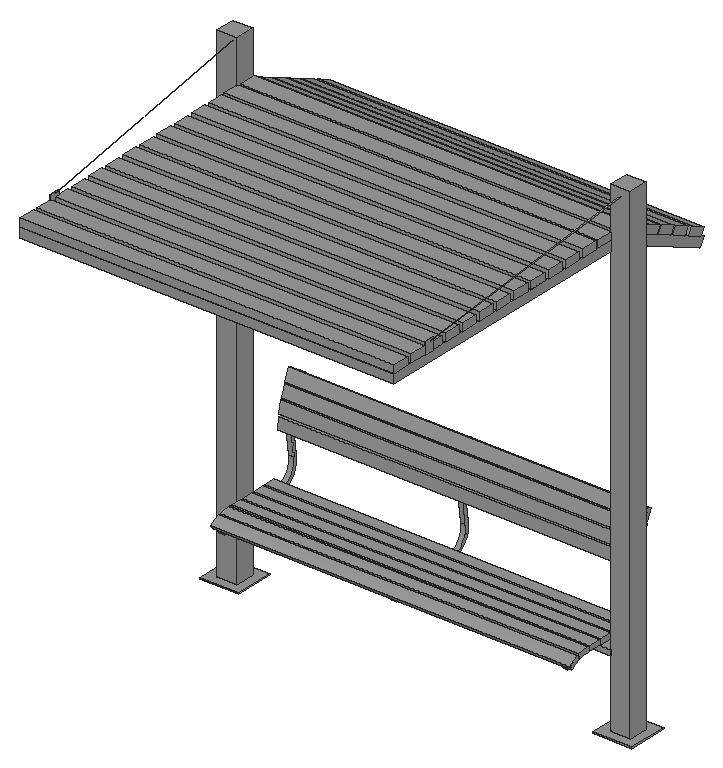
Revit family "Навес со скамейкой «Модерн УНИ» Арт 12201", category Антураж, Revit 2018
Family settings
  На основе рабочей плоскости = Нет
  Всегда вертикально = Да
  При загрузке вырезать с полостями = Нет
  Источник визуального образа = Геометрия семейства
  Общий = Нет
  Точка расчета площади = Нет
Parameters (values of type "Навес со скамейкой «Модерн УНИ»")
  Ширина = 1985 mm  # constant formula
  Цвет лавки = Дерево
  Цвет каркаса = Сталь
  Описание = "Навес со скамейкой «Модерн УНИ»"  # constant formula
  Материал изделия = "Сталь, дерево"  # constant formula
  Изображение типоразмера = Навес со скамейкой «Модерн УНИ» Арт 12201.jpg
  Изготовитель = "ООО «Хоббика»"  # constant formula
  Длина = 2120 mm  # constant formula
  Группа модели = "Скамейки"  # constant formula
  Высота = 2520 mm  # constant formula
  Артикул товара = "Арт. 12201"  # constant formula
  URL = "https://hobbyka.ru/product/naves_so_skameykoy_modern_uni/"
Reference planes
  plane 1 "По центру (Вперед/Назад)": y = 0
  plane 2: z = 0
  plane 3 "По центру (Влево/Вправо)": x = 0
  plane 4: x = 2120
  plane 5: y = 1985
  plane 6: z = 2520
Forms (mm)
  Extrusion 1, solid, material "Сталь" <- "Цвет каркаса"
    sketch origin (0, -108.822, 0) x (1, 0, 0) y (0, 1, 0)
      loop
        line (0, 1598.822) -> (0, 1498.822) -> (100, 1498.822) -> (100, 1598.822) -> (0, 1598.822)
      loop
        line (2020, 1598.822) -> (2020, 1498.822) -> (2120, 1498.822) -> (2120, 1598.822) -> (2020, 1598.822)
    from 0 to 2520
  Extrusion 2, solid, material "Сталь" <- "Цвет каркаса"
    sketch origin (0, 0, 0) x (0, 1, 0) y (0, 0, 1)
      loop
        line (0, 2260) -> (0, 2210) -> (1459.234, 2210) -> (1963.869, 1974.685) -> (1985, 2020) -> (1470.318, 2260) -> (0, 2260)
    from 100 to 130
  Extrusion 3, solid, material "Сталь" <- "Цвет каркаса"
    sketch origin (0, 0, 0) x (0, 1, 0) y (0, 0, 1)
      loop
        line (0, 2260) -> (0, 2210) -> (1459.234, 2210) -> (1963.869, 1974.685) -> (1985, 2020) -> (1470.318, 2260) -> (0, 2260)
    from 1990 to 2020
  Extrusion 4, solid, material "Сталь" <- "Цвет каркаса"
    sketch origin (0, 0, 0) x (0, 1, 0) y (0, 0, 1)
      loop
        line (0, 2260) -> (0, 2210) -> (30, 2210) -> (30, 2260) -> (0, 2260)
      loop
        line (1985, 2020) -> (1957.811, 2032.679) -> (1936.68, 1987.363) -> (1963.869, 1974.685) -> (1985, 2020)
    from 130 to 1990
  Sweep 5, solid, material "Сталь" <- "Цвет каркаса"
    path origin (49.861, -1.041, 0) x (-0.03462, 0.999401, 0) y (0, 0, 1)
      loop
        line (1440, 2480) -> (212.068, 2307.425)
    profile origin (21.264, 824.497, 2393.713) x (-0.004818, 0.13909, -0.990268) y (0.999401, 0.03462, 0)
      loop
        circle (0, 55) r 1.5
  Extrusion 6, solid, material "Сталь" <- "Цвет каркаса"
    sketch origin (0, 0, 0) x (0, 1, 0) y (0, 0, 1)
      loop
        line (245, 2320) -> (195, 2320) -> (195, 2260) -> (245, 2260) -> (245, 2320)
    from 95 to 100
  Sweep 7, solid, material "Сталь" <- "Цвет каркаса"
    path origin (2070.152, -1.042, 0) x (0.034623, 0.9994, 0) y (0, 0, -1)
      loop
        line (1440, -2480) -> (212.068, -2307.425)
    profile origin (2098.751, 824.496, 2393.713) x (-0.004819, -0.13909, 0.990268) y (-0.9994, 0.034623, 0)
      loop
        circle (0, 55) r 1.5
  Extrusion 8, solid, material "Сталь" <- "Цвет каркаса"
    sketch origin (2120, 0, 0) x (0, 1, 0) y (0, 0, -1)
      loop
        line (245, -2320) -> (245, -2260) -> (195, -2260) -> (195, -2320) -> (245, -2320)
    from 95 to 100
  Extrusion 9, solid, material "Сталь" <- "Цвет каркаса"
    sketch origin (0, 0, 0) x (0, 1, 0) y (0, 0, 1)
      loop
        line (1390, 380) -> (1390, 350) -> (1490, 350) -> (1490, 380) -> (1390, 380)
    from 100 to 2020
  Extrusion 10, solid, material "Сталь" <- "Цвет каркаса"
    sketch origin (0, 0, 0) x (0, 1, 0) y (0, 0, 1)
      loop
        arc (1698.532, 879.694) -> (1635.524, 701.648) -> (1640.429, 512.847) r 518.766
        arc (1640.429, 512.847) -> (1622.813, 433.636) -> (1551.457, 395) r 97.784
        line (1551.457, 395) -> (1291.283, 395)
        arc (1291.283, 395) -> (1237.829, 386.534) -> (1189.606, 361.963) r 172.984
        line (1189.606, 361.963) -> (1198.423, 349.828)
        arc (1198.423, 349.828) -> (1242.464, 372.268) -> (1291.283, 380) r 157.984
        line (1291.283, 380) -> (1551.952, 380)
        arc (1551.952, 380) -> (1634.624, 424.386) -> (1655.102, 515.959) r 112.784
        arc (1655.102, 515.959) -> (1650.339, 699.302) -> (1711.525, 872.199) r 503.766
        line (1711.525, 872.199) -> (1698.532, 879.694)
    from 165 to 190
  Extrusion 11, solid, material "Сталь" <- "Цвет каркаса"
    sketch origin (0, 0, 0) x (0, 1, 0) y (0, 0, 1)
      loop
        arc (1698.532, 879.694) -> (1635.524, 701.648) -> (1640.429, 512.847) r 518.766
        arc (1640.429, 512.847) -> (1622.813, 433.636) -> (1551.457, 395) r 97.784
        line (1551.457, 395) -> (1291.283, 395)
        arc (1291.283, 395) -> (1237.829, 386.534) -> (1189.606, 361.963) r 172.984
        line (1189.606, 361.963) -> (1198.423, 349.828)
        arc (1198.423, 349.828) -> (1242.464, 372.268) -> (1291.283, 380) r 157.984
        line (1291.283, 380) -> (1551.952, 380)
        arc (1551.952, 380) -> (1634.624, 424.386) -> (1655.102, 515.959) r 112.784
        arc (1655.102, 515.959) -> (1650.339, 699.302) -> (1711.525, 872.199) r 503.766
        line (1711.525, 872.199) -> (1698.532, 879.694)
    from 1047.5 to 1072.5
  Extrusion 12, solid, material "Сталь" <- "Цвет каркаса"
    sketch origin (2120, 0, 0) x (0, 1, 0) y (0, 0, -1)
      loop
        line (1698.532, -879.694) -> (1711.525, -872.199)
        arc (1711.525, -872.199) -> (1650.339, -699.302) -> (1655.102, -515.959) r 503.766
        arc (1655.102, -515.959) -> (1634.624, -424.386) -> (1551.952, -380) r 112.784
        line (1551.952, -380) -> (1291.283, -380)
        arc (1291.283, -380) -> (1242.464, -372.268) -> (1198.423, -349.828) r 157.984
        line (1198.423, -349.828) -> (1189.606, -361.963)
        arc (1189.606, -361.963) -> (1237.829, -386.534) -> (1291.283, -395) r 172.984
        line (1291.283, -395) -> (1551.457, -395)
        arc (1551.457, -395) -> (1622.813, -433.636) -> (1640.429, -512.847) r 97.784
        arc (1640.429, -512.847) -> (1635.524, -701.648) -> (1698.532, -879.694) r 518.766
    from 165 to 190
  Extrusion 13, solid, material "Дерево" <- "Цвет лавки"
    sketch origin (0, 0, 0) x (0, 1, 0) y (0, 0, 1)
      loop
        line (1698.532, 879.694) -> (1676.876, 892.185)
        arc (1676.876, 892.185) -> (1662.611, 865.798) -> (1649.823, 838.664) r 543.766
        line (1649.823, 838.664) -> (1672.722, 828.634)
        arc (1672.722, 828.634) -> (1684.922, 854.52) -> (1698.532, 879.694) r 518.766
      loop
        line (1507.283, 395) -> (1507.283, 420) -> (1447.283, 420) -> (1447.283, 395) -> (1507.283, 395)
      loop
        line (1291.283, 395) -> (1297.283, 395) -> (1297.283, 420) -> (1291.283, 420)
        arc (1291.283, 420) -> (1264.171, 418.135) -> (1237.568, 412.574) r 197.984
        line (1237.568, 412.574) -> (1244.351, 388.512)
        arc (1244.351, 388.512) -> (1267.594, 393.37) -> (1291.283, 395) r 172.984
      loop
        line (1625.936, 772.917) -> (1649.934, 765.909)
        arc (1649.934, 765.909) -> (1658.71, 793.148) -> (1668.975, 819.86) r 518.766
        line (1668.975, 819.86) -> (1645.895, 829.468)
        arc (1645.895, 829.468) -> (1635.135, 801.468) -> (1625.936, 772.917) r 543.766
      loop
        line (1610.688, 704.648) -> (1635.387, 700.779)
        arc (1635.387, 700.779) -> (1640.593, 728.918) -> (1647.344, 756.728) r 518.766
        line (1647.344, 756.728) -> (1623.222, 763.293)
        arc (1623.222, 763.293) -> (1616.146, 734.143) -> (1610.688, 704.648) r 543.766
      loop
        line (1604.33, 634.986) -> (1629.321, 634.319)
        arc (1629.321, 634.319) -> (1630.872, 662.894) -> (1633.997, 691.34) r 518.766
        line (1633.997, 691.34) -> (1609.231, 694.754)
        arc (1609.231, 694.754) -> (1605.956, 664.938) -> (1604.33, 634.986) r 543.766
      loop
        line (1437.283, 420) -> (1377.283, 420) -> (1377.283, 395) -> (1437.283, 395) -> (1437.283, 420)
      loop
        line (1367.283, 420) -> (1307.283, 420) -> (1307.283, 395) -> (1367.283, 395) -> (1367.283, 420)
      loop
        line (1174.912, 382.188) -> (1189.606, 361.963)
        arc (1189.606, 361.963) -> (1211.896, 375.708) -> (1236.005, 385.93) r 172.984
        line (1236.005, 385.93) -> (1228.016, 409.619)
        arc (1228.016, 409.619) -> (1200.423, 397.919) -> (1174.912, 382.188) r 197.984
      loop
        line (1577.283, 395) -> (1577.283, 420) -> (1517.283, 420) -> (1517.283, 395) -> (1577.283, 395)
    from 140 to 1980
  Extrusion 14, solid, material "Дерево" <- "Цвет лавки"
    sketch origin (0, 0, 0) x (0, 1, 0) y (0, 0, 1)
      loop
        line (0, 2260) -> (85, 2260) -> (85, 2300) -> (0, 2300) -> (0, 2260)
      loop
        line (110, 2260) -> (195, 2260) -> (195, 2300) -> (110, 2300) -> (110, 2260)
      loop
        line (220, 2260) -> (305, 2260) -> (305, 2300) -> (220, 2300) -> (220, 2260)
      loop
        line (330, 2260) -> (415, 2260) -> (415, 2300) -> (330, 2300) -> (330, 2260)
      loop
        line (440, 2260) -> (525, 2260) -> (525, 2300) -> (440, 2300) -> (440, 2260)
      loop
        line (550, 2260) -> (635, 2260) -> (635, 2300) -> (550, 2300) -> (550, 2260)
      loop
        line (660, 2260) -> (745, 2260) -> (745, 2300) -> (660, 2300) -> (660, 2260)
      loop
        line (770, 2260) -> (855, 2260) -> (855, 2300) -> (770, 2300) -> (770, 2260)
      loop
        line (880, 2260) -> (965, 2260) -> (965, 2300) -> (880, 2300) -> (880, 2260)
      loop
        line (990, 2260) -> (1075, 2260) -> (1075, 2300) -> (990, 2300) -> (990, 2260)
      loop
        line (1100, 2260) -> (1185, 2260) -> (1185, 2300) -> (1100, 2300) -> (1100, 2260)
      loop
        line (1210, 2260) -> (1295, 2260) -> (1295, 2300) -> (1210, 2300) -> (1210, 2260)
      loop
        line (1310, 2260) -> (1395, 2260) -> (1395, 2300) -> (1310, 2300) -> (1310, 2260)
      loop
        line (1410, 2260) -> (1495, 2260) -> (1495, 2300) -> (1410, 2300) -> (1410, 2260)
      loop
        line (1891.059, 2064.208) -> (1967.968, 2028.015) -> (1985, 2064.208) -> (1908.09, 2100.4) -> (1891.059, 2064.208)
      loop
        line (1791.365, 2110.696) -> (1868.274, 2074.503) -> (1885.306, 2110.696) -> (1808.397, 2146.889) -> (1791.365, 2110.696)
      loop
        line (1700.734, 2152.958) -> (1777.643, 2116.765) -> (1794.675, 2152.958) -> (1717.766, 2189.15) -> (1700.734, 2152.958)
      loop
        line (1610.103, 2195.219) -> (1687.013, 2159.027) -> (1704.045, 2195.219) -> (1627.135, 2231.412) -> (1610.103, 2195.219)
      loop
        line (1519.472, 2237.481) -> (1596.382, 2201.288) -> (1613.414, 2237.481) -> (1536.504, 2273.674) -> (1519.472, 2237.481)
    from 100 to 2020
  Extrusion 15, solid, material "Сталь" <- "Цвет каркаса"
    sketch origin (0, 0, 0) x (0, 1, 0) y (0, 0, 1)
      loop
        line (0, 2260) -> (0, 2210) -> (1459.234, 2210) -> (1963.869, 1974.685) -> (1985, 2020) -> (1470.318, 2260) -> (0, 2260)
    from 1045 to 1075
  Extrusion 16, solid, material "Сталь" <- "Цвет каркаса"
    sketch origin (0, 0, 0) x (1, 0, 0) y (0, 1, 0)
      loop
        line (2120, 1490) -> (2020, 1490) -> (2020, 1390) -> (2120, 1390) -> (2120, 1490)
      loop
        line (100, 1490) -> (0, 1490) -> (0, 1390) -> (100, 1390) -> (100, 1490)
      loop
        line (150, 1540) -> (-50, 1540) -> (-50, 1340) -> (150, 1340) -> (150, 1540)
      loop
        line (2170, 1540) -> (1970, 1540) -> (1970, 1340) -> (2170, 1340) -> (2170, 1540)
    from 0 to 5
Cuts and joins
  joined: Extrusion 2, Extrusion 3, Extrusion 4, Extrusion 15
Dimensions and locks
  "Длина": plane 3 "По центру (Влево/Вправо)" to plane 4
  "Ширина": plane 5 to plane 1 "По центру (Вперед/Назад)"
  "Высота": plane 6 to plane 2
  aligned and locked: level to plane 2
Automatic sketch dimensions
  Extrusion 1 sketch curve to plane 3 "По центру (Влево/Вправо)" = 0 mm
  Extrusion 1 sketch curve to plane 4 = 0 mm
  plane 3 "По центру (Влево/Вправо)" to Extrusion 1 sketch curve = 100 mm
  Extrusion 1 sketch curve to plane 4 = 100 mm
  Extrusion 1 sketch curve to plane 5 = 595 mm  (x2)
  Extrusion 1 sketch curve to Extrusion 1 sketch curve = 100 mm  (x2)
  Extrusion 2 sketch curve to plane 1 "По центру (Вперед/Назад)" = 0 mm
  Extrusion 2 sketch curve to plane 5 = 0 mm
  Extrusion 2 sketch curve to plane 5 = 525.766 mm
  Extrusion 2 sketch curve to Extrusion 2 sketch curve = 11.085 mm
  Extrusion 2 sketch curve to plane 5 = 21.131 mm
  Extrusion 2 sketch curve to plane 6 = 545.315 mm
  Extrusion 2 sketch curve to Extrusion 2 sketch curve = 45.315 mm
  Extrusion 3 sketch curve to plane 1 "По центру (Вперед/Назад)" = 0 mm
  Extrusion 3 sketch curve to plane 5 = 0 mm
  Extrusion 3 sketch curve to plane 5 = 525.766 mm
  Extrusion 3 sketch curve to Extrusion 3 sketch curve = 11.085 mm
  Extrusion 3 sketch curve to plane 5 = 21.131 mm
  Extrusion 3 sketch curve to plane 6 = 545.315 mm
  Extrusion 3 sketch curve to Extrusion 3 sketch curve = 45.315 mm
  Extrusion 4 sketch curve to plane 1 "По центру (Вперед/Назад)" = 0 mm
  Extrusion 4 sketch curve to plane 5 = 0 mm
  Extrusion 4 sketch curve to plane 1 "По центру (Вперед/Назад)" = 30 mm
  Extrusion 4 sketch curve to plane 5 = 48.32 mm
  Extrusion 4 sketch curve to plane 5 = 27.189 mm
  Extrusion 4 sketch curve to plane 6 = 545.315 mm
  Extrusion 4 sketch curve to Extrusion 4 sketch curve = 12.679 mm
  Extrusion 4 sketch curve to plane 6 = 310 mm
  Extrusion 4 sketch curve to Extrusion 4 sketch curve = 50 mm
  Sweep 5 sketch curve to plane 6 = 40 mm
  Sweep 5 sketch curve to plane 6 = 212.575 mm
  Sweep 5 sketch curve to Sweep 5 sketch curve = 1227.932 mm
  Sweep 5 sketch curve to profile plane = 0 mm
  profile plane to Sweep 5 sketch curve = 55 mm
  Extrusion 6 sketch curve to plane 1 "По центру (Вперед/Назад)" = 195 mm
  Extrusion 6 sketch curve to Extrusion 6 sketch curve = 50 mm
  Extrusion 6 sketch curve to plane 6 = 260 mm
  Extrusion 6 sketch curve to Extrusion 6 sketch curve = 60 mm
  Sweep 7 sketch curve to plane 6 = 212.575 mm
  Sweep 7 sketch curve to plane 6 = 40 mm
  Sweep 7 sketch curve to Sweep 7 sketch curve = 1227.932 mm
  profile plane to Sweep 7 sketch curve = 0 mm
  profile plane to Sweep 7 sketch curve = 55 mm
  Extrusion 8 sketch curve to plane 1 "По центру (Вперед/Назад)" = 195 mm
  Extrusion 8 sketch curve to Extrusion 8 sketch curve = 50 mm
  Extrusion 8 sketch curve to plane 6 = 200 mm
  Extrusion 8 sketch curve to Extrusion 8 sketch curve = 60 mm
  Extrusion 9 sketch curve to plane 5 = 595 mm
  Extrusion 9 sketch curve to Extrusion 9 sketch curve = 100 mm
  level to Extrusion 9 sketch curve = 350 mm
  Extrusion 9 sketch curve to Extrusion 9 sketch curve = 30 mm
  Extrusion 10 sketch curve to Extrusion 10 sketch curve = 0 mm  (x6)
  level to Extrusion 10 sketch curve = 361.963 mm
  Extrusion 10 sketch curve to plane 5 = 795.394 mm
  level to Extrusion 10 sketch curve = 349.828 mm
  Extrusion 10 sketch curve to Extrusion 10 sketch curve = 8.817 mm
  Extrusion 10 sketch curve to Extrusion 10 sketch curve = 92.861 mm
  Extrusion 10 sketch curve to Extrusion 10 sketch curve = 253.49 mm
  Extrusion 10 sketch curve to Extrusion 10 sketch curve = 6.684 mm
  Extrusion 10 sketch curve to Extrusion 10 sketch curve = 0.495 mm
  Extrusion 10 sketch curve to plane 5 = 286.468 mm
  Extrusion 10 sketch curve to Extrusion 10 sketch curve = 12.993 mm
  plane 5 to Extrusion 10 sketch curve = 162.903 mm
  Extrusion 10 sketch curve to Extrusion 10 sketch curve = 127.812 mm
  Extrusion 10 sketch curve to Extrusion 10 sketch curve = 97.555 mm
  Extrusion 10 sketch curve to Extrusion 10 sketch curve = 127.94 mm
  Extrusion 10 sketch curve to Extrusion 10 sketch curve = 356.24 mm
  Extrusion 10 sketch curve to Extrusion 10 sketch curve = 7.495 mm
  Extrusion 11 sketch curve to Extrusion 11 sketch curve = 0 mm  (x6)
  level to Extrusion 11 sketch curve = 361.963 mm
  Extrusion 11 sketch curve to plane 5 = 795.394 mm
  level to Extrusion 11 sketch curve = 349.828 mm
  Extrusion 11 sketch curve to Extrusion 11 sketch curve = 8.817 mm
  Extrusion 11 sketch curve to Extrusion 11 sketch curve = 92.861 mm
  Extrusion 11 sketch curve to Extrusion 11 sketch curve = 253.49 mm
  Extrusion 11 sketch curve to Extrusion 11 sketch curve = 6.684 mm
  Extrusion 11 sketch curve to Extrusion 11 sketch curve = 0.495 mm
  Extrusion 11 sketch curve to plane 5 = 286.468 mm
  Extrusion 11 sketch curve to Extrusion 11 sketch curve = 12.993 mm
  plane 5 to Extrusion 11 sketch curve = 162.903 mm
  Extrusion 11 sketch curve to Extrusion 11 sketch curve = 127.812 mm
  Extrusion 11 sketch curve to Extrusion 11 sketch curve = 97.555 mm
  Extrusion 11 sketch curve to Extrusion 11 sketch curve = 127.94 mm
  Extrusion 11 sketch curve to Extrusion 11 sketch curve = 356.24 mm
  Extrusion 11 sketch curve to Extrusion 11 sketch curve = 7.495 mm
  Extrusion 12 sketch curve to Extrusion 12 sketch curve = 0 mm  (x6)
  level to Extrusion 12 sketch curve = 361.963 mm
  Extrusion 12 sketch curve to plane 5 = 795.394 mm
  level to Extrusion 12 sketch curve = 349.828 mm
  Extrusion 12 sketch curve to Extrusion 12 sketch curve = 8.817 mm
  Extrusion 12 sketch curve to Extrusion 12 sketch curve = 92.861 mm
  Extrusion 12 sketch curve to Extrusion 12 sketch curve = 253.49 mm
  Extrusion 12 sketch curve to Extrusion 12 sketch curve = 6.684 mm
  Extrusion 12 sketch curve to Extrusion 12 sketch curve = 0.495 mm
  Extrusion 12 sketch curve to plane 5 = 286.468 mm
  Extrusion 12 sketch curve to Extrusion 12 sketch curve = 12.993 mm
  plane 5 to Extrusion 12 sketch curve = 162.903 mm
  Extrusion 12 sketch curve to Extrusion 12 sketch curve = 30.172 mm
  Extrusion 12 sketch curve to Extrusion 12 sketch curve = 97.555 mm
  Extrusion 12 sketch curve to Extrusion 12 sketch curve = 127.94 mm
  Extrusion 12 sketch curve to Extrusion 12 sketch curve = 356.24 mm
  Extrusion 12 sketch curve to Extrusion 12 sketch curve = 7.495 mm
  Extrusion 13 sketch curve to Extrusion 13 sketch curve = 0 mm  (x74)
  level to Extrusion 13 sketch curve = 382.188 mm
  Extrusion 13 sketch curve to plane 5 = 810.088 mm
  level to Extrusion 13 sketch curve = 361.963 mm
  Extrusion 13 sketch curve to Extrusion 13 sketch curve = 14.695 mm
  level to Extrusion 13 sketch curve = 409.619 mm
  Extrusion 13 sketch curve to Extrusion 13 sketch curve = 53.105 mm
  level to Extrusion 13 sketch curve = 385.93 mm
  Extrusion 13 sketch curve to Extrusion 13 sketch curve = 9.552 mm
  Extrusion 13 sketch curve to Extrusion 13 sketch curve = 8.346 mm
  Extrusion 13 sketch curve to Extrusion 13 sketch curve = 46.932 mm
  Extrusion 13 sketch curve to Extrusion 13 sketch curve = 6 mm
  Extrusion 13 sketch curve to Extrusion 13 sketch curve = 10 mm  (x4)
  Extrusion 13 sketch curve to Extrusion 13 sketch curve = 60 mm  (x4)
  Extrusion 13 sketch curve to Extrusion 13 sketch curve = 27.046 mm
  Extrusion 13 sketch curve to Extrusion 13 sketch curve = 4.901 mm
  Extrusion 13 sketch curve to Extrusion 13 sketch curve = 1.457 mm
  Extrusion 13 sketch curve to Extrusion 13 sketch curve = 12.534 mm
  Extrusion 13 sketch curve to Extrusion 13 sketch curve = 2.715 mm
  Extrusion 13 sketch curve to Extrusion 13 sketch curve = 24.991 mm
  Extrusion 13 sketch curve to Extrusion 13 sketch curve = 24.766 mm
  Extrusion 13 sketch curve to Extrusion 13 sketch curve = 1.39 mm
  Extrusion 13 sketch curve to Extrusion 13 sketch curve = 19.959 mm
  Extrusion 13 sketch curve to Extrusion 13 sketch curve = 24.123 mm
  Extrusion 13 sketch curve to Extrusion 13 sketch curve = 3.928 mm
  Extrusion 13 sketch curve to Extrusion 13 sketch curve = 2.59 mm
  Extrusion 13 sketch curve to Extrusion 13 sketch curve = 23.08 mm
  Extrusion 13 sketch curve to Extrusion 13 sketch curve = 3.747 mm
  Extrusion 13 sketch curve to Extrusion 13 sketch curve = 27.053 mm
  Extrusion 13 sketch curve to Extrusion 13 sketch curve = 21.656 mm
  plane 5 to Extrusion 13 sketch curve = 162.903 mm
  Extrusion 13 sketch curve to Extrusion 13 sketch curve = 2.582 mm
  Extrusion 13 sketch curve to Extrusion 13 sketch curve = 2.955 mm
  Extrusion 13 sketch curve to Extrusion 13 sketch curve = 25 mm  (x2)
  Extrusion 13 sketch curve to Extrusion 13 sketch curve = 200.495 mm
  Extrusion 13 sketch curve to Extrusion 13 sketch curve = 214.319 mm
  Extrusion 13 sketch curve to Extrusion 13 sketch curve = 0.666 mm
  Extrusion 13 sketch curve to Extrusion 13 sketch curve = 9.438 mm
  Extrusion 13 sketch curve to Extrusion 13 sketch curve = 9.893 mm
  Extrusion 13 sketch curve to Extrusion 13 sketch curve = 9.182 mm
  Extrusion 13 sketch curve to Extrusion 13 sketch curve = 9.624 mm
  Extrusion 13 sketch curve to Extrusion 13 sketch curve = 8.773 mm
  Extrusion 13 sketch curve to Extrusion 13 sketch curve = 9.196 mm
  Extrusion 14 sketch curve to plane 1 "По центру (Вперед/Назад)" = 0 mm
  Extrusion 14 sketch curve to plane 5 = 0 mm
  Extrusion 14 sketch curve to plane 1 "По центру (Вперед/Назад)" = 85 mm
  Extrusion 14 sketch curve to Extrusion 14 sketch curve = 25 mm  (x11)
  Extrusion 14 sketch curve to Extrusion 14 sketch curve = 85 mm  (x13)
  Extrusion 14 sketch curve to Extrusion 14 sketch curve = 15 mm  (x2)
  Extrusion 14 sketch curve to Extrusion 14 sketch curve = 24.472 mm
  Extrusion 14 sketch curve to plane 6 = 246.326 mm
  Extrusion 14 sketch curve to Extrusion 14 sketch curve = 17.032 mm
  Extrusion 14 sketch curve to plane 6 = 318.712 mm
  Extrusion 14 sketch curve to Extrusion 14 sketch curve = 13.721 mm  (x6)
  Extrusion 14 sketch curve to plane 6 = 288.588 mm
  Extrusion 14 sketch curve to Extrusion 14 sketch curve = 76.91 mm  (x3)
  Extrusion 14 sketch curve to Extrusion 14 sketch curve = 22.784 mm  (x2)
  Extrusion 14 sketch curve to Extrusion 14 sketch curve = 6.069 mm  (x5)
  Extrusion 14 sketch curve to Extrusion 14 sketch curve = 10.295 mm  (x2)
  Extrusion 14 sketch curve to Extrusion 14 sketch curve = 36.193 mm
  Extrusion 14 sketch curve to plane 6 = 260 mm
  Extrusion 14 sketch curve to Extrusion 14 sketch curve = 0 mm  (x25)
  Extrusion 14 sketch curve to Extrusion 14 sketch curve = 22.519 mm
  Extrusion 14 sketch curve to Extrusion 14 sketch curve = 40 mm
  Extrusion 15 sketch curve to plane 1 "По центру (Вперед/Назад)" = 0 mm
  Extrusion 15 sketch curve to plane 5 = 0 mm
  Extrusion 15 sketch curve to plane 5 = 525.766 mm
  Extrusion 15 sketch curve to Extrusion 15 sketch curve = 11.085 mm
  Extrusion 15 sketch curve to plane 5 = 21.131 mm
  Extrusion 15 sketch curve to plane 6 = 545.315 mm
  Extrusion 15 sketch curve to Extrusion 15 sketch curve = 45.315 mm
  Extrusion 16 sketch curve to plane 4 = 0 mm
  Extrusion 16 sketch curve to plane 4 = 100 mm
  Extrusion 16 sketch curve to plane 5 = 595 mm  (x2)
  Extrusion 16 sketch curve to Extrusion 16 sketch curve = 100 mm  (x2)
  Extrusion 16 sketch curve to plane 3 "По центру (Влево/Вправо)" = 0 mm
  plane 3 "По центру (Влево/Вправо)" to Extrusion 16 sketch curve = 100 mm
  Extrusion 16 sketch curve to Extrusion 16 sketch curve = 50 mm  (x6)
  Extrusion 16 sketch curve to plane 3 "По центру (Влево/Вправо)" = 50 mm
  plane 4 to Extrusion 16 sketch curve = 50 mm
  radius of Sweep 5 sketch curve = 1.5 mm
  radius of Sweep 7 sketch curve = 1.5 mm
